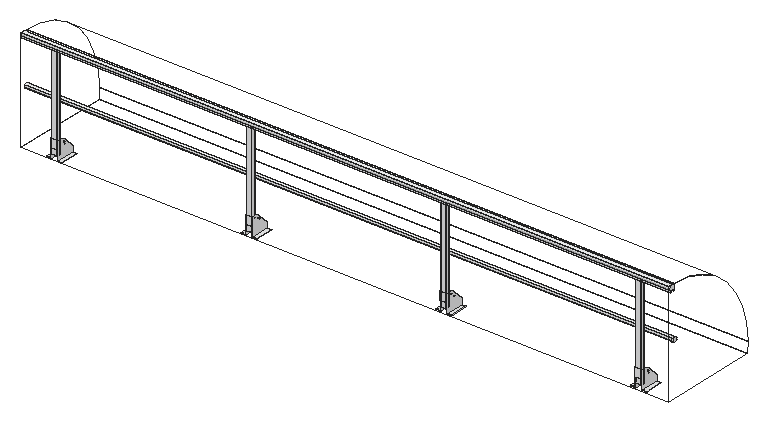
Revit family "Guardrail_Kattsafe_TopMount_FoldDown", category Specialty Equipment, Revit 2025
Family settings
  Round Connector Dimension = Use Diameter
  Part Type = Normal
  OmniClass Number = 23.17.25.11
  Enable Cutting in Views = No
  Cut with Voids When Loaded = No
  Maintain Annotation Orientation = No
  Shared = No
  Room Calculation Point = No
Parameters (values of type "Type 1")
  Uniclass2015Version = "Products v1.23"
  Uniclass2015Title = "Aluminium handrails"
  Uniclass2015Code = "Pr_25_30_36_03"
  URL = "https://kattsafe.com.au/"
  Type IFC Predefined Type = "GUARDRAIL"
  Type Comments = "Guardrail - Top Mount - Fold Down"
  SafetyDisclaimer [instance] = "WARNING! The correct placement of access, fall protection and facade maintenance systems is critical to ensure it is fit-for-purpose and safe for the operator to use. Did you know Kattsafe® have a dedicated team of Height Safety System Design Specialists? Kattsafe® provide one-on-one consultation and system design assistance to ensure you are meeting the stringent requirements of height safety and to give you PEACE OF MIND with your project."  # constant formula
  PostsHeightCalc [instance] = if(1 = 1, ManufacturerOverallHeight - 108 mm, 0 mm)  # 942 mm
  PostAngle [instance] = if(Folded, 178.50°, 90.00°)  # 90.00°
  RailClosureBendEnd2 [instance] = no
  RailClosureBendEnd1 [instance] = no
  PostsSingleOption [instance] = if(and(([built-in parameter 1001306] - 56 mm - (PostsOffsetLength * 2)) < 1 mm, ([built-in parameter 1001306] - 56 mm) > 1999 mm), 1 > 0, 1 < 0)  # no
  PostsActualNumberOf [instance] = PostsOffsetLengthCalc3  # 4
  PostsOffsetLengthCalc3 [instance] = if(PostsOffsetLengthCalc > PostsOffsetLengthCalc2, rounddown(PostsOffsetLengthCalc2), PostsOffsetLengthCalc)  # 4
  PostsOffsetLengthCalc2 [instance] = (PostsOverallLength / PostsMaxSpacingLength) + 2  # 4.972
  PostsOffsetLengthCalc [instance] = (PostsOverallLength / PostsMaxSpacingLength) + 2  # 5
  PostsNumberOfCalc3 [instance] = if(and(PostsNumberOfCalc > PostsNumberOfCalc2, PostsOverallLength > PostsMaxSpacingLength * 2), rounddown(PostsNumberOfCalc2), if(PostsOverallLength < (PostsMaxSpacingLength * 2) + 1 mm, 2, PostsNumberOfCalc))  # 2
  PostsNumberOfCalc2 [instance] = (PostsOverallLength / PostsMaxSpacingLength)  # 2.972
  PostsNumberOfCalc [instance] = (PostsOverallLength / PostsMaxSpacingLength)  # 3
  PostsMaxSpacingLength = 2000 mm  # constant formula
  PostsHeight = if(1 = 1, ManufacturerOverallHeight - 42 mm, 0 mm)  # 1008 mm
  PostsArrayOption [instance] = if(([built-in parameter 1001306] - 56 mm - (PostsOffsetLength * 2)) < 1 mm, 1 < 0, 1 > 0)  # yes
  PostsOverallLength [instance] = if(1 = 1, [built-in parameter 1001306] - 56 mm, 0 mm)  # 5944 mm
  Material = Aluminum_Kattsafe_Satin
  KneerailOffsetHeightCalc2 [instance] = if(KneerailOffsetHeight > 450 mm, 450 mm, KneerailOffsetHeight)  # 435 mm
  KneerailOffsetHeightCalc [instance] = if(or(RailClosureBendEnd1, RailClosureBendEnd2), 435 mm, KneerailOffsetHeightCalc2)  # 435 mm
  KneerailOffsetHeight [instance] = 435 mm
  PostsOffsetLength [instance] = PostsOverallLength / (PostsOffsetLengthCalc3 - 1)  # 1981.333 mm
  KneerailEnd2OverhangLengthCalc [instance] = if(RailClosureBendEnd2, 200 mm, HandrailEnd2OverhangLengthCalc + KneerailOffsetLengthEnd2)  # 300 mm
  KneerailOffsetLengthEnd2 [instance] = 0 mm
  KneerailEnd1OverhangLengthCalc [instance] = if(RailClosureBendEnd1, 200 mm, HandrailEnd1OverhangLengthCalc + KneerailOffsetLengthEnd1)  # 300 mm
  KneerailOffsetLengthEnd1 [instance] = 0 mm
  KneerailAngledOffsetHeight [instance] = KneerailOffsetHeightCalc + (-HandrailAngledOffsetHeight)  # 492 mm
  HandrailEnd2OverhangLengthCalc [instance] = if(RailClosureBendEnd2, 0 mm, HandrailOverhangLengthEnd2)  # 300 mm
  HandrailOverhangLengthEnd2 [instance] = 300 mm
  HandrailEnd1OverhangLengthCalc [instance] = if(RailClosureBendEnd1, 0 mm, HandrailOverhangLengthEnd1)  # 300 mm
  HandrailOverhangLengthEnd1 [instance] = 300 mm
  ModifiedIssue = 20240430
  Model = "GW31"
  ManufacturerURLProductSpecific = "https://kattsafe.com.au/products/guardrails-walkway/guardrail-only-gw"
  ManufacturerSpecCode = Model  # "GW31"
  ManufacturerOverallWidth = 185 mm  # constant formula
  ManufacturerOverallLength [instance] = [built-in parameter 1001306]  # 6000 mm
  ManufacturerOverallHeight = 1050 mm  # constant formula
  Manufacturer = "Kattsafe®"  # constant formula
  built-in parameter 1001306 [instance] = 6000 mm
  IfcExportType = "GUARDRAIL"
  IfcExportAs = "IfcRailing"
  HandrailClosureAngledOffsetHeight [instance] = if(Folded, -487 mm, -532 mm)  # -532 mm
  HandrailAngledOffsetHeight [instance] = if(Folded, -12 mm, -57 mm)  # -57 mm
  GuardrailHeight = ManufacturerOverallHeight  # 1050 mm
  Folded [instance] = no
  Export Type to IFC As = "IfcRailing"
  Description = "Kattsafe guardrail systems are the preferred method of safe access across roofs and areas close to a fall edge. The system requires no specialist PPE, personnel or training to safely prevent a fall with a walkway to designate a safe path of access across the roof surface."  # constant formula
  Default Elevation = 0 mm
  CreatedBy = "IGS BIM Solutions"  # constant formula
  CreatedByURL = "https://igsgroup.com.au"
  RequiredSpace [instance] = yes
  ClearanceZoneEnd1Calc [instance] = if(RailClosureBendEnd1, 400 mm, 0 mm)  # 0 mm
  ClearanceZoneEnd2Calc [instance] = if(RailClosureBendEnd2, 400 mm, 0 mm)  # 0 mm
  Assembly Code = "E1090100"
Reference planes
  plane 1 "Post_Back_Calc": y = -147
  plane 2 "Bottom": z = 0
  plane 3 "Left": x = 0
  plane 4 "Right": x = 6000
  plane 5 "Top": z = 1050
  plane 6 "Front": y = -185
  plane 7 "Post_Back": y = -147
  plane 8 "Post_Centre (Front/Back)": y = -166
  plane 9 "Kneerail_Top": z = 558
  plane 10 "Handrail_Bottom": z = 993
  plane 11 "Post_Array_Left": x = 2009.333
  plane 12 "Post_Array_Right": x = 3990.667
  plane 13 "Center (Left/Right)": x = 3000
  plane 14 "Post_Left_Centre (Left/Right)": x = 28
  plane 15 "Kneerail_Left": x = -300
  plane 16 "Post_Left": x = 0
  plane 17 "Handrail_Left": x = -300
  plane 18 "Post_Right_Centre (Left/Right)": x = 5972
  plane 19 "Kneerail_Right": x = 6300
  plane 20 "Post_Right": x = 6000
  plane 21 "Handrail_Right": x = 6300
  plane 22 "Post_Front": y = -185
  plane 23 "Left_Calc": x = 0
  plane 24 "Right_Calc": x = 6000
  plane 25 "Angle_Bottom": z = 108
  plane 26 "Back": y = 0
Lines and regions (mm)
  reference lines
    curve 1: line (0, -147, 0) -> (6000, -147, 0)
    curve 2: line (0, -147, 0) -> (0.961, -147, 0)
    curve 3: line (6000, -147, 0) -> (5998.961, -147, 0)
    curve 4: line (0, -185, 108) -> (0, -185, 1050)
Text (mm)
  text "Disclaimer:\nDue to ongoing product development and manufacturing \nevolution, product details are subject to change without \nnotice. Please refer to product technical data sheets on \nthe manufacturers website for the most current product \ninformation. Please allow a +/- 5mm manufacturing \ntolerance for dimensions and set-outs shown in product \nliterature." at (10123.265, 2704.9, 0), in view "Ref. Level"
Dimensions and locks
  "built-in parameter 1001306": plane 3 "Left" to plane 4 "Right"
  "ManufacturerOverallHeight": plane 5 "Top" to plane 2 "Bottom"
  "KneerailOffsetHeightCalc": plane 10 "Handrail_Bottom" to plane 9 "Kneerail_Top"
  "PostsOffsetLength": plane 12 "Post_Array_Right" to plane 18 "Post_Right_Centre (Left/Right)"
  locked: plane 5 "Top" to plane 10 "Handrail_Bottom" at 57
  "PostsOffsetLength": plane 14 "Post_Left_Centre (Left/Right)" to plane 11 "Post_Array_Left"
  locked: plane 16 "Post_Left" to plane 14 "Post_Left_Centre (Left/Right)" at 28
  locked: plane 23 "Left_Calc" to plane 16 "Post_Left" at 0
  "HandrailEnd1OverhangLengthCalc": plane 17 "Handrail_Left" to plane 16 "Post_Left"
  "KneerailEnd1OverhangLengthCalc": plane 15 "Kneerail_Left" to plane 16 "Post_Left"
  locked: plane 20 "Post_Right" to plane 18 "Post_Right_Centre (Left/Right)" at 28
  equal spacing: plane 3 "Left", plane 13 "Center (Left/Right)", plane 4 "Right"
  locked: plane 20 "Post_Right" to plane 24 "Right_Calc" at 0
  "KneerailEnd2OverhangLengthCalc": plane 20 "Post_Right" to plane 19 "Kneerail_Right"
  "HandrailEnd2OverhangLengthCalc": plane 20 "Post_Right" to plane 21 "Handrail_Right"
  locked: curve 4 to nested 4 at 19
  locked: curve 4 to nested 5 at 38
  locked: curve 4 to nested 6 at 19
  locked: plane 3 "Left" to plane 23 "Left_Calc"
  locked: plane 24 "Right_Calc" to plane 4 "Right"
  locked: plane 22 "Post_Front" to plane 6 "Front" at 0
  locked: plane 22 "Post_Front" to plane 7 "Post_Back" at 38
  locked: plane 25 "Angle_Bottom" to plane 2 "Bottom" at 108
  "PostsHeightCalc": curve 4 to curve 4
  "ClearanceZoneEnd1Calc": nested 9 to plane 17 "Handrail_Left"
  "ClearanceZoneEnd2Calc": plane 21 "Handrail_Right" to nested 9
  group 1 to group 2 = 1981.333 mm
  group 1 to group 2 = 0 mm  (x2)
  equal spacing: plane 22 "Post_Front", plane 8 "Post_Centre (Front/Back)", plane 7 "Post_Back"
  locked: plane 1 "Post_Back_Calc" to plane 7 "Post_Back" at 0
  "ManufacturerOverallWidth": plane 6 "Front" to plane 26 "Back"
  "PostAngle": angle plane 2 "Bottom" to curve 4
  aligned and locked: plane 4 "Right" to curve 1
  aligned and locked: plane 1 "Post_Back_Calc" to curve 1
  aligned and locked: plane 3 "Left" to curve 1
  aligned and locked: level to plane 2 "Bottom"
  aligned and locked: plane 4 "Right" to curve 3
  aligned and locked: plane 2 "Bottom" to nested 1
  aligned and locked: plane 2 "Bottom" to nested 2
  aligned and locked: plane 22 "Post_Front" to curve 4
  aligned and locked: nested 6 to plane 17 "Handrail_Left"
  aligned and locked: plane 17 "Handrail_Left" to nested 4
  aligned and locked: plane 15 "Kneerail_Left" to nested 5
  aligned and locked: plane 19 "Kneerail_Right" to nested 5
  aligned and locked: plane 21 "Handrail_Right" to nested 4
  aligned and locked: plane 21 "Handrail_Right" to nested 7
  aligned and locked: plane 18 "Post_Right_Centre (Left/Right)" to nested 2
  aligned and locked: nested 3 to plane 11 "Post_Array_Left"
  aligned and locked: nested 1 to plane 14 "Post_Left_Centre (Left/Right)"
  aligned and locked: nested 8 to plane 11 "Post_Array_Left"
  aligned and locked: plane 2 "Bottom" to nested 8
  aligned and locked: plane 25 "Angle_Bottom" to curve 4
  aligned and locked: plane 7 "Post_Back" to nested 9
  aligned and locked: nested 10 to plane 12 "Post_Array_Right"
  aligned and locked: plane 2 "Bottom" to nested 10
  aligned and locked: plane 22 "Post_Front" to nested 1
  aligned and locked: plane 22 "Post_Front" to nested 8
  aligned and locked: plane 22 "Post_Front" to nested 3
  aligned and locked: plane 22 "Post_Front" to nested 10
  aligned and locked: plane 22 "Post_Front" to nested 2
Automatic sketch dimensions
  plane 3 "Left" to curve 2 = 0.961 mm
  curve 3 to plane 4 "Right" = 1.039 mm
  curve 2 to plane 3 "Left" = 0 mm
  plane 1 "Post_Back_Calc" to curve 3 = 0 mm
  plane 1 "Post_Back_Calc" to curve 2 = 0 mm
Nested families
  nested 1: "z_Guardrail_TopMount_Kattsafe_FoldDown" at (2.215, -185, 0) x (-1, 0, 0) z (0, 0, 1), ManufacturerOverallHeight <- "PostsHeight", Folded_Option <- "Folded", Material <- "Material", type "GW359C"
    with RoofPitch_Calc 90.00°, Post_Offset_Height 65 mm, Post_Height_Calc 900 mm, Post_Height 965 mm, Post_Angle 0.00°, Material Aluminum_Kattsafe_Satin, ManufacturerOverallHeight 1008 mm, Folded_Option no
  nested 2: "z_Guardrail_TopMount_Kattsafe_FoldDown" at (5946.215, -185, 0) x (-1, 0, 0) z (0, 0, 1), ManufacturerOverallHeight <- "PostsHeight", Folded_Option <- "Folded", Material <- "Material", type "GW359C"
    with RoofPitch_Calc 90.00°, Post_Offset_Height 65 mm, Post_Height_Calc 900 mm, Post_Height 965 mm, Post_Angle 0.00°, Material Aluminum_Kattsafe_Satin, ManufacturerOverallHeight 1008 mm, Folded_Option no
  nested 3: "z_Guardrail_TopMount_Kattsafe_FoldDown" at (1983.549, -185, 0) x (-1, 0, 0) z (0, 0, 1), ManufacturerOverallHeight <- "PostsHeight", visible <- "PostsSingleOption", Folded_Option <- "Folded", Material <- "Material", type "GW359C"
    with RoofPitch_Calc 90.00°, Post_Offset_Height 65 mm, Post_Height_Calc 900 mm, Post_Height 965 mm, Post_Angle 0.00°, Material Aluminum_Kattsafe_Satin, ManufacturerOverallHeight 1008 mm, Folded_Option no
  nested 4: "z_Guardrail_Kattsafe_HandrailTube" at (-274.215, -166, 993), built-in parameter 1001364 <- "HandrailAngledOffsetHeight", Material <- "Material", type "GW374"
    with Material Aluminum_Kattsafe_Satin, ManufacturerOverallLength 6600 mm
  nested 5: "z_Guardrail_Kattsafe_KneerailTube" at (-274.215, -129.85, 558) x (1, 0, 0) z (0, 0, -1), built-in parameter 1001364 <- "KneerailAngledOffsetHeight", Material <- "Material", type "GW375"
    with Material Aluminum_Kattsafe_Satin, ManufacturerOverallLength 6600 mm
  nested 6: "z_Guardrail_Kattsafe_HandrailClosureBend" at (-674.215, -166, 518), built-in parameter 1001364 <- "HandrailClosureAngledOffsetHeight", visible <- "RailClosureBendEnd1", Material <- "Material", type "GW387"
    with Material Aluminum_Kattsafe_Satin, ManufacturerOverallLength 400 mm
  nested 7: "z_Guardrail_Kattsafe_HandrailClosureBend" at (6674.215, -166, 518) x (-1, 0, 0) z (0, 0, 1), built-in parameter 1001364 <- "HandrailClosureAngledOffsetHeight", visible <- "RailClosureBendEnd2", Material <- "Material", type "GW387"
    with Material Aluminum_Kattsafe_Satin, ManufacturerOverallLength 400 mm
  nested 8: "z_Guardrail_TopMount_Kattsafe_FoldDown" at (1983.549, -185, 0) x (-1, 0, 0) z (0, 0, 1), ManufacturerOverallHeight <- "PostsHeight", visible <- "PostsArrayOption", Folded_Option <- "Folded", Material <- "Material", type "GW359C"
    with RoofPitch_Calc 90.00°, Post_Offset_Height 65 mm, Post_Height_Calc 900 mm, Post_Height 965 mm, Post_Angle 0.00°, Material Aluminum_Kattsafe_Satin, ManufacturerOverallHeight 1008 mm, Folded_Option no
  nested 9: "z_Walkway_Kattsafe_ClearanceZone" at (-274.215, -139.793, 0), ManufacturerOverallHeight <- "ManufacturerOverallHeight", visible <- "RequiredSpace", type "Type 1"
    with Radius 942 mm, ManufacturerOverallWidth 1011.4 mm, ManufacturerOverallLength 6600 mm, ManufacturerOverallHeight 1050 mm
  nested 10: "z_Guardrail_TopMount_Kattsafe_FoldDown" at (3964.882, -185, 0) x (-1, 0, 0) z (0, 0, 1), ManufacturerOverallHeight <- "PostsHeight", visible <- "PostsArrayOption", Folded_Option <- "Folded", Material <- "Material", type "GW359C"
    with RoofPitch_Calc 90.00°, Post_Offset_Height 65 mm, Post_Height_Calc 900 mm, Post_Height 965 mm, Post_Angle 0.00°, Material Aluminum_Kattsafe_Satin, ManufacturerOverallHeight 1008 mm, Folded_Option no
Definition of nested family "z_Guardrail_TopMount_Kattsafe_FoldDown"
  Parameters (values of type "GW359C")
    URL = "https://kattsafe.com.au/"
    Type Comments = ""
    RoofPitch_Calc [instance] = if(1 = 1, Post_Angle + 90.00°, 0.00°)  # 90.00°
    Post_Angle [instance] = if(Folded_Option, 88.50°, 0.00°)  # 0.00°
    Post_Offset_Height [instance] = if(Post_Angle = 0.00°, 65 mm, 20 mm)  # 65 mm
    Post_Height_Calc [instance] = if(1 = 1, ManufacturerOverallHeight - 108 mm, 0 mm)  # 895 mm
    Post_Height [instance] = if(1 = 1, ManufacturerOverallHeight - 43 mm, 0 mm)  # 960 mm
    Material [instance] = none
    Folded_Option [instance] = no
    ModifiedIssue = 20191009
    Model = "GW359C"
    ManufacturerURLProductSpecific = ""
    ManufacturerSpecCode = Model  # "GW359C"
    ManufacturerOverallWidth = 160 mm  # constant formula
    ManufacturerOverallHeight [instance] = 1003 mm
    ManufacturerOverallDepth = 185 mm  # constant formula
    Manufacturer = "SAYFA"  # constant formula
    Keynote = ""
    Description = "Sentry Fold Down Roof Mount Guardrail Post"
    Default Elevation = 0 mm  # constant formula
    CreatedBy = "IGS BIM Solutions"  # constant formula
    CreatedByURL = "https://igsgroup.com.au"
  Reference planes
    plane 1 "Bottom": z = 0
    plane 2 "Post_Back": y = 0
    plane 3 "Post_Front": y = -38
    plane 4 "Center (Left/Right)": x = -25.785
    plane 5 "Top": z = 1003
    plane 6 "Post_Right": x = 2.215
    plane 7 "Post_Left": x = -53.785
    plane 8 "Front": y = -185
    plane 9 "Post_Centre (Front/Back)": y = -19
    plane 10 "Brace_Left": x = -60.785
    plane 11 "Brace_Right": x = 9.215
    plane 12 "Back": y = 0
    plane 13 "Angle_Bottom": z = 108
    plane 14 "Left": x = -105.785
    plane 15 "Right": x = 54.215
  Forms (mm)
    Sweep 1, solid, material <- "Material"
      path origin (-25.785, 0, 108) x (0, 0, 1) y (0, -1, 0)
        loop
          line (-65, 0) -> (895, 0)
      profile origin (-25.785, 0, 523) x (0, -1, 0) y (1, 0, 0)
        loop
          arc (0, -23) -> (1.464, -26.536) -> (5, -28) r 5
          line (5, -28) -> (33, -28)
          arc (33, -28) -> (36.536, -26.536) -> (38, -23) r 5
          line (38, -23) -> (38, 23)
          arc (38, 23) -> (36.536, 26.536) -> (33, 28) r 5
          line (33, 28) -> (5, 28)
          arc (5, 28) -> (1.464, 26.536) -> (0, 23) r 5
          line (0, 23) -> (0, -23)
    Extrusion 2, solid, material <- "Material"
      sketch origin (-60.785, 0, 0) x (0, 1, 0) y (0, 0, 1)
        loop
          line (0, 0) -> (0, 185) -> (-30.982, 185)
          arc (-30.982, 185) -> (-58.871, 179.452) -> (-82.515, 163.654) r 72.879
          line (-82.515, 163.654) -> (-180.607, 65.563)
          arc (-180.607, 65.563) -> (-183.858, 60.696) -> (-185, 54.956) r 15
          line (-185, 54.956) -> (-185, 0) -> (0, 0)
        loop
          arc (-27.582, 159.937) -> (-25.84, 159.394) -> (-25.091, 157.729) r 2.224
          line (-25.091, 157.729) -> (-25.091, 143.568)
          arc (-25.091, 143.568) -> (-19.485, 137.962) -> (-13.879, 143.568) r 5.606
          line (-13.879, 143.568) -> (-13.879, 166.032)
          arc (-13.879, 166.032) -> (-15.521, 169.996) -> (-19.485, 171.638) r 5.606
          arc (-19.485, 171.638) -> (-75.065, 148.616) -> (-98.086, 93.036) r 78.602
          arc (-98.086, 93.036) -> (-92.48, 87.43) -> (-86.874, 93.036) r 5.606
          arc (-86.874, 93.036) -> (-69.918, 137.733) -> (-27.582, 159.937) r 67.389
      from 0 to 3
    Extrusion 3, solid, material <- "Material"
      sketch origin (0, 0, 0) x (-1, 0, 0) y (0, 0, 1)
        loop
          line (-9.215, 185) -> (-9.215, 100.977) -> (60.785, 100.977) -> (60.785, 185) -> (-9.215, 185)
      from 0 to 3
    Extrusion 4, solid, material <- "Material"
      sketch origin (9.215, 0, 0) x (0, 1, 0) y (0, 0, -1)
        loop
          line (0, 0) -> (-185, 0) -> (-185, -54.956)
          arc (-185, -54.956) -> (-183.858, -60.696) -> (-180.607, -65.563) r 15
          line (-180.607, -65.563) -> (-82.515, -163.654)
          arc (-82.515, -163.654) -> (-58.871, -179.452) -> (-30.982, -185) r 72.879
          line (-30.982, -185) -> (0, -185) -> (0, 0)
        loop
          arc (-27.582, -159.937) -> (-69.918, -137.733) -> (-86.874, -93.036) r 67.389
          arc (-86.874, -93.036) -> (-92.48, -87.43) -> (-98.086, -93.036) r 5.606
          arc (-98.086, -93.036) -> (-75.065, -148.616) -> (-19.485, -171.638) r 78.602
          arc (-19.485, -171.638) -> (-15.521, -169.996) -> (-13.879, -166.032) r 5.606
          line (-13.879, -166.032) -> (-13.879, -143.568)
          arc (-13.879, -143.568) -> (-19.485, -137.962) -> (-25.091, -143.568) r 5.606
          line (-25.091, -143.568) -> (-25.091, -157.729)
          arc (-25.091, -157.729) -> (-25.84, -159.394) -> (-27.582, -159.937) r 2.224
      from 0 to 3
    Extrusion 5, solid, material <- "Material"
      sketch origin (0, 0, 0) x (1, 0, 0) y (0, 1, 0)
        loop
          line (-60.785, 0) -> (-105.785, 0) -> (-105.785, -185) -> (-60.785, -185) -> (-60.785, 0)
      from 0 to 2.5
    Extrusion 6, solid, material <- "Material"
      sketch origin (-51.569, 0, 0) x (-1, 0, 0) y (0, -1, 0)
        loop
          line (-60.785, 0) -> (-60.785, 185) -> (-105.785, 185) -> (-105.785, 0) -> (-60.785, 0)
      from 0 to 2.5
  Cuts and joins
    joined: Extrusion 2, Extrusion 3, Extrusion 5
  Lines and regions (mm)
    reference lines
      curve 1: line (-25.785, 0, 108) -> (-25.785, 0, 1003)
  Dimensions and locks
    "ManufacturerOverallHeight": plane 5 "Top" to plane 1 "Bottom"
    locked: plane 7 "Post_Left" to plane 6 "Post_Right" at 56
    "ManufacturerOverallDepth": plane 12 "Back" to plane 8 "Front"
    equal spacing: plane 7 "Post_Left", plane 4 "Center (Left/Right)", plane 6 "Post_Right"
    equal spacing: plane 3 "Post_Front", plane 9 "Post_Centre (Front/Back)", plane 2 "Post_Back"
    locked: plane 2 "Post_Back" to plane 3 "Post_Front" at 38
    "Post_Height_Calc": curve 1 to curve 1
    locked: plane 12 "Back" to plane 2 "Post_Back" at 0
    locked: plane 1 "Bottom" to Extrusion 3 sketch curve at 185
    Extrusion 3 sketch curve to plane 13 "Angle_Bottom" = 7.023 mm
    locked: Sweep 1 sketch curve to Sweep 1 sketch curve at 56
    "Post_Offset_Height": curve 1 to Sweep 1 sketch curve
    locked: Extrusion 2 sketch curve to plane 1 "Bottom" at 185
    locked: Extrusion 4 sketch curve to plane 1 "Bottom" at 185
    "Post_Height": Sweep 1 sketch curve to Sweep 1 sketch curve
    locked: plane 10 "Brace_Left" to plane 7 "Post_Left" at 7
    plane 6 "Post_Right" to plane 11 "Brace_Right" = 7 mm
    equal spacing: plane 14 "Left", plane 4 "Center (Left/Right)", plane 15 "Right"
    "ManufacturerOverallWidth": plane 14 "Left" to plane 15 "Right"
    locked: plane 13 "Angle_Bottom" to plane 1 "Bottom" at 108
    radius of Sweep 1 sketch curve = 5 mm  (x4)
    "RoofPitch_Calc": angle curve 1 to plane 1 "Bottom"
    aligned and locked: level to plane 1 "Bottom"
    aligned and locked: Sweep 1 sketch curve to curve 1
    aligned and locked: Extrusion 2 to plane 10 "Brace_Left"
    aligned and locked: Extrusion 3 to plane 10 "Brace_Left"
    aligned and locked: Extrusion 3 to plane 11 "Brace_Right"
    aligned and locked: cut or joined group of Extrusion 2, Extrusion 3, Extrusion 5 to plane 12 "Back"
    aligned and locked: plane 13 "Angle_Bottom" to curve 1
    aligned and locked: Extrusion 4 to plane 11 "Brace_Right"
    aligned and locked: plane 12 "Back" to curve 1
    aligned and locked: plane 10 "Brace_Left" to Extrusion 5 sketch curve
    aligned and locked: Extrusion 6 sketch curve to plane 11 "Brace_Right"
    aligned and locked: cut or joined group of Extrusion 2, Extrusion 3, Extrusion 5 to plane 8 "Front"
    aligned and locked: Extrusion 6 to plane 8 "Front"
    aligned and locked: cut or joined group of Extrusion 2, Extrusion 3, Extrusion 5 to plane 14 "Left"
    aligned and locked: Extrusion 6 to plane 15 "Right"
    aligned and locked: plane 12 "Back" to cut or joined group of Extrusion 2, Extrusion 3, Extrusion 5
    aligned and locked: plane 12 "Back" to Extrusion 6
  Automatic sketch dimensions
    Sweep 1 sketch curve to profile plane = 0 mm
    Sweep 1 sketch curve to Sweep 1 sketch curve = 28 mm
    Sweep 1 sketch curve to profile plane = 28 mm
    Extrusion 2 sketch curve to Extrusion 2 sketch curve = 0 mm  (x4)
    Extrusion 2 sketch curve to level = 0 mm
    Extrusion 2 sketch curve to plane 2 "Post_Back" = 0 mm
    plane 9 "Post_Centre (Front/Back)" to Extrusion 2 sketch curve = 5.121 mm
    Extrusion 2 sketch curve to plane 9 "Post_Centre (Front/Back)" = 0.485 mm  (x2)
    Extrusion 2 sketch curve to Extrusion 2 sketch curve = 2.224 mm
    plane 3 "Post_Front" to Extrusion 2 sketch curve = 7.018 mm
    Extrusion 2 sketch curve to plane 3 "Post_Front" = 44.515 mm
    plane 13 "Angle_Bottom" to Extrusion 2 sketch curve = 14.964 mm
    Extrusion 2 sketch curve to plane 3 "Post_Front" = 54.48 mm
    Extrusion 2 sketch curve to Extrusion 2 sketch curve = 77.52 mm
    Extrusion 2 sketch curve to Extrusion 2 sketch curve = 10.607 mm
    Extrusion 2 sketch curve to plane 13 "Angle_Bottom" = 4.121 mm
    Extrusion 2 sketch curve to Extrusion 2 sketch curve = 31.446 mm
    Extrusion 2 sketch curve to Extrusion 2 sketch curve = 14.162 mm
    Extrusion 2 sketch curve to Extrusion 2 sketch curve = 8.302 mm
    plane 11 "Brace_Right" to Extrusion 3 sketch curve = 0 mm
    Extrusion 3 sketch curve to plane 10 "Brace_Left" = 0 mm
    Extrusion 4 sketch curve to Extrusion 4 sketch curve = 0 mm  (x4)
    Extrusion 4 sketch curve to level = 0 mm
    Extrusion 4 sketch curve to plane 2 "Post_Back" = 0 mm
    Extrusion 4 sketch curve to plane 9 "Post_Centre (Front/Back)" = 5.121 mm
    plane 9 "Post_Centre (Front/Back)" to Extrusion 4 sketch curve = 0.485 mm  (x2)
    Extrusion 4 sketch curve to Extrusion 4 sketch curve = 2.224 mm
    Extrusion 4 sketch curve to plane 3 "Post_Front" = 7.018 mm
    plane 3 "Post_Front" to Extrusion 4 sketch curve = 44.515 mm
    Extrusion 4 sketch curve to plane 13 "Angle_Bottom" = 14.964 mm
    plane 3 "Post_Front" to Extrusion 4 sketch curve = 54.48 mm
    Extrusion 4 sketch curve to Extrusion 4 sketch curve = 77.52 mm
    Extrusion 4 sketch curve to Extrusion 4 sketch curve = 10.607 mm
    plane 13 "Angle_Bottom" to Extrusion 4 sketch curve = 4.121 mm
    Extrusion 4 sketch curve to Extrusion 4 sketch curve = 31.446 mm
    Extrusion 4 sketch curve to Extrusion 4 sketch curve = 14.162 mm
    Extrusion 4 sketch curve to Extrusion 4 sketch curve = 8.302 mm
    plane 8 "Front" to Extrusion 6 sketch curve = 0 mm
    Extrusion 5 sketch curve to plane 8 "Front" = 0 mm
    Extrusion 5 sketch curve to plane 10 "Brace_Left" = 45 mm
    plane 11 "Brace_Right" to Extrusion 6 sketch curve = 45 mm
    Extrusion 5 sketch curve to plane 2 "Post_Back" = 0 mm
    plane 2 "Post_Back" to Extrusion 6 sketch curve = 0 mm
    Extrusion 2 sketch curve to plane 8 "Front" = 0 mm
    plane 13 "Angle_Bottom" to Extrusion 2 sketch curve = 53.044 mm
    Extrusion 4 sketch curve to plane 8 "Front" = 0 mm
    Extrusion 4 sketch curve to plane 13 "Angle_Bottom" = 53.044 mm
Definition of nested family "z_Guardrail_Kattsafe_HandrailTube"
  Parameters (values of type "GW374")
    URL = "https://kattsafe.com.au/"
    Type Comments = ""
    ModifiedIssue = 20190911
    Model = "GW374"
    Material [instance] = none
    ManufacturerURLProductSpecific = ""
    ManufacturerSpecCode = Model  # "GW374"
    ManufacturerOverallWidth = 50 mm  # constant formula
    ManufacturerOverallLength [instance] = 6000 mm
    ManufacturerOverallHeight = 57 mm  # constant formula
    Manufacturer = "SAYFA"  # constant formula
    Keynote = ""
    Description = "Sentry Handrail Tube"
    Default Elevation = 0 mm  # constant formula
    CreatedBy = "IGS BIM Solutions"  # constant formula
    CreatedByURL = "https://igsgroup.com.au"
  Reference planes
    plane 1 "Bottom": z = 0
    plane 2 "Center (Front/Back)": y = 0
    plane 3 "Front": y = -25
    plane 4 "Left": x = -25.785
    plane 5 "Center (Left/Right)": x = 2974.215
    plane 6 "Top": z = 57
    plane 7 "Right": x = 5974.215
    plane 8 "Back": y = 25
    plane 9 "Rail_Top": z = 15
  Forms (mm)
    Extrusion 1, solid, material <- "Material"
      sketch origin (-25.785, 0, 0) x (0, 1, 0) y (0, 0, 1)
        loop
          arc (21, 18.435) -> (0, 57) -> (-21, 18.435) r 25
          line (-21, 18.435) -> (-21, 0) -> (-20, 0) -> (-20, 15) -> (20, 15) -> (20, 0) -> (21, 0) -> (21, 18.435)
      from 0 to 6000
  Dimensions and locks
    "ManufacturerOverallWidth": plane 8 "Back" to plane 3 "Front"
    "ManufacturerOverallHeight": plane 6 "Top" to plane 1 "Bottom"
    equal spacing: plane 4 "Left", plane 5 "Center (Left/Right)", plane 7 "Right"
    "ManufacturerOverallLength": plane 4 "Left" to plane 7 "Right"
    equal spacing: plane 8 "Back", plane 2 "Center (Front/Back)", plane 3 "Front"
    locked: plane 9 "Rail_Top" to plane 1 "Bottom" at 15
    aligned and locked: plane 1 "Bottom" to level
    aligned and locked: Extrusion 1 sketch curve to plane 1 "Bottom"  (x2)
    aligned and locked: Extrusion 1 to plane 4 "Left"
    aligned and locked: Extrusion 1 to plane 7 "Right"
  Automatic sketch dimensions
    Extrusion 1 sketch curve to plane 2 "Center (Front/Back)" = 0 mm
    Extrusion 1 sketch curve to Extrusion 1 sketch curve = 3.435 mm
    Extrusion 1 sketch curve to plane 9 "Rail_Top" = 3.435 mm
    Extrusion 1 sketch curve to Extrusion 1 sketch curve = 1 mm  (x2)
    plane 3 "Front" to Extrusion 1 sketch curve = 5 mm
    Extrusion 1 sketch curve to plane 9 "Rail_Top" = 17 mm
    plane 9 "Rail_Top" to Extrusion 1 sketch curve = 0 mm
Definition of nested family "z_Guardrail_Kattsafe_KneerailTube"
  Parameters (values of type "GW375")
    URL = "https://kattsafe.com.au/"
    Type Comments = ""
    ModifiedIssue = 20190911
    Model = "GW375"
    Material [instance] = none
    ManufacturerURLProductSpecific = ""
    ManufacturerSpecCode = Model  # "GW375"
    ManufacturerOverallWidth = 34.3 mm  # constant formula
    ManufacturerOverallLength [instance] = 6000 mm
    ManufacturerOverallHeight = 40 mm  # constant formula
    Manufacturer = "SAYFA"  # constant formula
    Keynote = ""
    Description = "Sentry Kneerail Tube"
    Default Elevation = 0 mm  # constant formula
    CreatedBy = "IGS BIM Solutions"  # constant formula
    CreatedByURL = "https://igsgroup.com.au"
  Reference planes
    plane 1 "Bottom": z = 0
    plane 2 "Center (Front/Back)": y = 1.438
    plane 3 "Front": y = -17.15
    plane 4 "Left": x = -25.785
    plane 5 "Center (Left/Right)": x = 2974.215
    plane 6 "Top": z = 40
    plane 7 "Right": x = 5974.215
    plane 8 "Back": y = 17.15
    plane 9 "Center (Elevation)": z = 20
  Forms (mm)
    Extrusion 1, solid, material <- "Material"
      sketch origin (2974.215, 0, 0) x (0, 1, 0) y (0, 0, -1)
        loop
          line (17.15, -32.374) -> (17.15, -7.626)
          arc (17.15, -7.626) -> (-1.443, -0.208) -> (-17.15, -12.617) r 20
          line (-17.15, -12.617) -> (-13.15, -12.617) -> (-13.15, -27.383) -> (-17.15, -27.383)
          arc (-17.15, -27.383) -> (-1.443, -39.792) -> (17.15, -32.374) r 20
      from -3000 to 3000
  Dimensions and locks
    "ManufacturerOverallWidth": plane 8 "Back" to plane 3 "Front"
    "ManufacturerOverallHeight": plane 6 "Top" to plane 1 "Bottom"
    equal spacing: plane 4 "Left", plane 5 "Center (Left/Right)", plane 7 "Right"
    "ManufacturerOverallLength": plane 4 "Left" to plane 7 "Right"
    equal spacing: plane 6 "Top", plane 9 "Center (Elevation)", plane 1 "Bottom"
    aligned and locked: plane 1 "Bottom" to level
    aligned and locked: Extrusion 1 to plane 7 "Right"
    aligned and locked: Extrusion 1 to plane 4 "Left"
  Automatic sketch dimensions
    Extrusion 1 sketch curve to Extrusion 1 sketch curve = 0 mm  (x2)
    Extrusion 1 sketch curve to plane 3 "Front" = 0 mm  (x2)
    Extrusion 1 sketch curve to plane 2 "Center (Front/Back)" = 0 mm
    Extrusion 1 sketch curve to plane 8 "Back" = 0 mm
    plane 9 "Center (Elevation)" to Extrusion 1 sketch curve = 0 mm
    Extrusion 1 sketch curve to Extrusion 1 sketch curve = 4 mm
    Extrusion 1 sketch curve to plane 9 "Center (Elevation)" = 7.383 mm
    plane 9 "Center (Elevation)" to Extrusion 1 sketch curve = 7.383 mm
Definition of nested family "z_Guardrail_Kattsafe_HandrailClosureBend"
  Parameters (values of type "GW387")
    URL = "https://kattsafe.com.au/"
    Type Comments = ""
    ModifiedIssue = 20190917
    Model = "GW387"
    Material [instance] = none
    ManufacturerURLProductSpecific = ""
    ManufacturerSpecCode = Model  # "GW387"
    ManufacturerOverallWidth = 50 mm  # constant formula
    ManufacturerOverallLength [instance] = 400 mm  # constant formula
    ManufacturerOverallHeight = 532 mm  # constant formula
    Manufacturer = "SAYFA"  # constant formula
    Keynote = ""
    Description = "Handrail Closure Bend"
    Default Elevation = 0 mm  # constant formula
    CreatedBy = "IGS BIM Solutions"  # constant formula
    CreatedByURL = "https://igsgroup.com.au"
  Reference planes
    plane 1 "Bottom": z = 0
    plane 2 "Center (Front/Back)": y = 0
    plane 3 "Front": y = -25
    plane 4 "Left": x = -25.785
    plane 5 "Center (Left/Right)": x = 174.215
    plane 6 "Top": z = 532
    plane 7 "Right": x = 374.215
    plane 8 "Handrail_Back": y = 25
    plane 9 "Kneerail_Centre (Front/Back)": y = 34.7
    plane 10 "Kneerail_Centre (Elevation)": z = 20
    plane 11 "Handrail_Centre (Elevation)": z = 507
    plane 12 "Back": y = 59.69
  Forms (mm)
    Sweep 1, solid, material <- "Material"
      path origin (0, 36.034, 1.282) x (1, 0, 0) y (0, -0.071072, 0.997471)
        loop
          line (374.215, 532) -> (74.215, 532)
          arc (74.215, 532) -> (3.505, 502.711) -> (-25.785, 432) r 100
          line (-25.785, 432) -> (-25.785, 93.9)
          arc (-25.785, 93.9) -> (3.505, 23.189) -> (74.215, -6.1) r 100
          line (74.215, -6.1) -> (164.215, -6.1)
      profile origin (224.215, -1.777, 531.937) x (0, 0.071072, -0.997471) y (0, -0.997471, -0.071072)
        loop
          circle (25, 0) r 25
    SweptBlend 2, solid, material <- "Material"
      path origin (0, 34.7, 0) x (-1, 0, 0) y (0, 0, 1)
        loop
          line (-164.215, 20) -> (-174.215, 20)
      profile origin (164.215, 34.7, 20) x (0, 0, 1) y (0, -1, 0)
        loop
          circle (0, 0) r 25
      end profile origin (174.215, 34.7, 20) x (0, 0, 1) y (0, -1, 0)
        loop
          circle (0, 0) r 20
  Lines and regions (mm)
    symbolic lines
      curve 1: circle (374.215, 34.7, 20) r 25 normal (1, 0, 0)
  Dimensions and locks
    "ManufacturerOverallWidth": plane 8 "Handrail_Back" to plane 3 "Front"
    "ManufacturerOverallHeight": plane 6 "Top" to plane 1 "Bottom"
    equal spacing: plane 4 "Left", plane 5 "Center (Left/Right)", plane 7 "Right"
    "ManufacturerOverallLength": plane 4 "Left" to plane 7 "Right"
    equal spacing: plane 8 "Handrail_Back", plane 2 "Center (Front/Back)", plane 3 "Front"
    locked: plane 2 "Center (Front/Back)" to plane 9 "Kneerail_Centre (Front/Back)" at 34.7
    locked: profile plane to Sweep 1 sketch curve at 25
    Sweep 1 sketch curve to plane 5 "Center (Left/Right)" = 10 mm
    locked: plane 12 "Back" to plane 3 "Front" at 84.69
    radius of Sweep 1 sketch curve = 100 mm  (x2)
    radius of SweptBlend 2 sketch curve = 25 mm
    radius of SweptBlend 2 sketch curve = 20 mm
    aligned and locked: plane 1 "Bottom" to level
    aligned and locked: Sweep 1 sketch curve to plane 4 "Left"
    aligned and locked: profile plane to Sweep 1 sketch curve
    aligned and locked: plane 10 "Kneerail_Centre (Elevation)" to SweptBlend 2 sketch curve
    aligned and locked: profile plane to SweptBlend 2 sketch curve  (x4)
  Automatic sketch dimensions
    curve 1 to plane 9 "Kneerail_Centre (Front/Back)" = 0 mm
    plane 10 "Kneerail_Centre (Elevation)" to curve 1 = 0 mm
    Sweep 1 sketch curve to plane 7 "Right" = 0 mm
    Sweep 1 sketch curve to Sweep 1 sketch curve = 338.1 mm
    plane 5 "Center (Left/Right)" to SweptBlend 2 sketch curve = 0 mm
    SweptBlend 2 sketch curve to plane 5 "Center (Left/Right)" = 10 mm
    radius of curve 1 = 25 mm
    radius of Sweep 1 sketch curve = 25 mm
Definition of nested family "z_Walkway_Kattsafe_ClearanceZone"
  Parameters (values of type "Type 1")
    Radius [instance] = ManufacturerOverallHeight - 108 mm  # 942 mm
    URL = "https://kattsafe.com.au/"
    Type Comments = ""
    Model = ""
    Material = none
    ManufacturerOverallWidth [instance] = Radius + 69.4 mm  # 1011.4 mm
    ManufacturerOverallLength [instance] = 6000 mm
    ManufacturerOverallHeight [instance] = 1050 mm
    Manufacturer = "SAYFA"  # constant formula
    Keynote = ""
    Description = ""
    Default Elevation = 0 mm  # constant formula
    CreatedBy = "IGS BIM Solutions"  # constant formula
    CreatedByURL = "https://igsgroup.com.au"
  Reference planes
    plane 1 "Bottom": z = 0
    plane 2 "Center (Front/Back)": y = 0
    plane 3 "Front": y = -69.407
    plane 4 "Left": x = -25.785
    plane 5 "Center (Left/Right)": x = 2974.215
    plane 6 "Top": z = 1050
    plane 7 "Right": x = 5974.215
    plane 8: z = 108
    plane 9 "Post_Front": y = -7.207
    plane 10 "Back": y = 941.993
  Forms (mm)
    Extrusion 1, solid, material <- "Material"
      sketch origin (-25.785, 0, 0) x (0, 1, 0) y (0, 0, 1)
        loop
          line (-69.407, 0) -> (941.993, 0) -> (941.993, 108)
          arc (941.993, 108) -> (668.611, 771.573) -> (7.139, 1050) r 942.027
          line (7.139, 1050) -> (-69.407, 1050) -> (-69.407, 0)
      from 0 to 6000
  Lines and regions (mm)
    model lines
      curve 1: line (-25.785, -69.407, 0) -> (-25.785, 941.993, 0)
      curve 2: line (-25.785, 941.993, 0) -> (-25.785, 941.993, 108)
      curve 3: line (-25.785, -69.407, 1050) -> (-25.785, -69.407, 0)
      curve 4: line (-25.785, -7.207, 1050) -> (-25.785, -69.407, 1050)
      curve 5: line (5974.215, -69.407, 0) -> (5974.215, 941.993, 0)
      curve 6: line (5974.215, 941.993, 0) -> (5974.215, 941.993, 108)
      curve 7: line (5974.215, -69.407, 1050) -> (5974.215, -69.407, 0)
      curve 8: line (5974.215, -7.207, 1050) -> (5974.215, -69.407, 1050)
      curve 10: line (-25.785, 941.993, 0) -> (5974.215, 941.993, 0)
      curve 11: line (-25.785, -69.407, 0) -> (5974.215, -69.407, 0)
      curve 12: line (-25.785, -69.407, 1050) -> (5974.215, -69.407, 1050)
      curve 13: arc (-25.785, 941.993, 108) -> (-25.785, 663.539, 776.645) -> (-25.785, -7.207, 1050) r 942.027
      curve 14: arc (5974.215, 941.993, 108) -> (5974.215, 663.539, 776.645) -> (5974.215, -7.207, 1050) r 942.027
    symbolic lines
      curve 9: line (-25.785, -69.407, 0) -> (5974.215, -69.407, 0)
  Dimensions and locks
    "ManufacturerOverallHeight": plane 6 "Top" to plane 1 "Bottom"
    equal spacing: plane 4 "Left", plane 5 "Center (Left/Right)", plane 7 "Right"
    "ManufacturerOverallLength": plane 4 "Left" to plane 7 "Right"
    locked: plane 8 to plane 1 "Bottom" at 108
    "ManufacturerOverallWidth": plane 10 "Back" to plane 3 "Front"
    plane 9 "Post_Front" to plane 3 "Front" = 62.2 mm
    locked: plane 9 "Post_Front" to plane 2 "Center (Front/Back)" at 7.207
    aligned and locked: plane 1 "Bottom" to level
    aligned and locked: curve 9 to plane 3 "Front"
    aligned and locked: curve 10 to plane 10 "Back"
    aligned and locked: plane 3 "Front" to Extrusion 1 sketch curve
    aligned and locked: plane 1 "Bottom" to Extrusion 1 sketch curve
    aligned and locked: plane 10 "Back" to Extrusion 1 sketch curve
    aligned and locked: plane 6 "Top" to Extrusion 1 sketch curve
    aligned and locked: Extrusion 1 sketch curve to curve 13
    aligned and locked: Extrusion 1 to plane 4 "Left"
    aligned and locked: Extrusion 1 to plane 7 "Right"
  Automatic sketch dimensions
    curve 11 to plane 3 "Front" = 0 mm
    curve 11 to plane 4 "Left" = 0 mm
    curve 10 to plane 4 "Left" = 0 mm
    curve 9 to plane 4 "Left" = 0 mm
    curve 10 to plane 7 "Right" = 0 mm
    curve 11 to plane 7 "Right" = 0 mm
    curve 9 to plane 7 "Right" = 0 mm
    curve 12 to plane 3 "Front" = 0 mm
    curve 12 to plane 4 "Left" = 0 mm
    curve 12 to plane 7 "Right" = 0 mm
    level to curve 5 = 0 mm
    curve 5 to plane 3 "Front" = 0 mm
    curve 8 to plane 9 "Post_Front" = 0 mm
    level to curve 1 = 0 mm
    curve 1 to plane 3 "Front" = 0 mm
    plane 6 "Top" to curve 4 = 0 mm
    curve 4 to plane 9 "Post_Front" = 0 mm
    plane 8 to curve 13 = 0 mm
    curve 1 to plane 10 "Back" = 0 mm
    plane 6 "Top" to curve 14 = 0 mm
    plane 8 to curve 14 = 0 mm
    curve 14 to plane 10 "Back" = 0 mm
